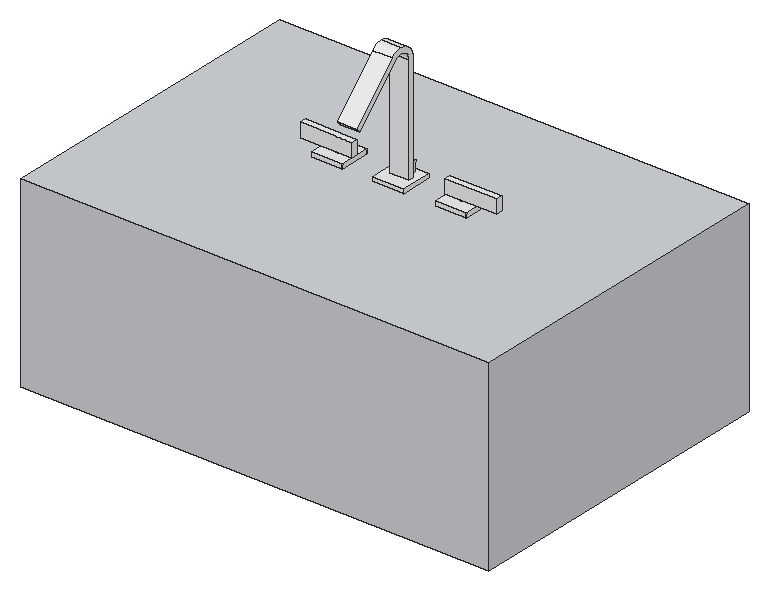
Revit family
Parameters (values of type "Chrome-Polished_Chrome-CP")
  Width = 1' - 0 5/8"
  WFU = 0
  URL = "http://www.us.kohler.com"
  Product Page URL = "http://www.us.kohler.com/onlinecatalog/detail.jsp?prod_num=14661-4"
  Product Documentation Link = "http://www.us.kohler.com/onlinecatalog/pdf/1123725_4.pdf"
  Model = "K-14661-4"  # constant formula
  Manufacturer = "Kohler"  # constant formula
  Length = 0' - 5 3/8"
  Hot Water Radius = 3/16"
  Hot Water Diameter = Hot Water Radius * 2  # 3/8"
  Hot Water Connector = "Hot Water Connector"  # constant formula
  Height = 0' - 8 1/4"
  HWFU = 0
  HW Connection = yes
  Finish = Chrome-Kohler-Polished_Chrome-CP
  Faucet Offset = 0' - 8"
  Description = "Loure™ widespread lavatory faucet"  # constant formula
  Default Elevation = 0' - 0"
  Created By = "http://medialab3dstudio.com/"
  Cold Water Radius = 3/16"
  Cold Water Diameter = Cold Water Radius * 2  # 3/8"
  Cold Water Connector = "Cold Water Connector"  # constant formula
  CWFU = 0
  CW Connection = yes
  Assembly Code = "D2010"
  Actual Valve Water Flow = 2.2 GPM
Types (4): name | Finish
  (no name) | Chrome-Kohler-Polished_Chrome-CP
  Chrome-Polished_Chrome-CP | Chrome-Kohler-Polished_Chrome-CP
  Nickel-Vibrant_Brushed_Nickel-BN | Nickel-Kohler-BN-Vibrant_Brushed_Nickel
  Nickel-Vibrant_Polished_Nickel-SN | Nickel-Kohler-SN-Vibrant_Polished_Nickel
Reference planes (in)
  plane 1 "Back": y = 0
  plane 2 "Bottom": z = 0
  plane 3 "Center (Left/Right)": x = 0
  plane 4: x = -1
  plane 5: x = 1
  plane 6 "Top": z = 8.25
  plane 7: y = -2
  plane 8 "Front": y = -5.375
  plane 9: z = 0.27694
  plane 10: y = -1
  plane 11: y = -1
  plane 12: y = -0.82813
  plane 13: y = -1.17188
  plane 14: z = 7.21717
  plane 15: through (0, -2.23325, 7.65031) normal (0, 0.7071, 0.7071)
  plane 16: y = -1.80011
  plane 17: through (0, -5.38287, 5.03107) normal (0, -0.7071, -0.7071)
  plane 18: y = -0.39025
  plane 19: y = -0.65009
  plane 20: z = 0.8169
  plane 21: y = -0.25108
  plane 22: z = 0.94584
  plane 23: x = -0.35937
  plane 24: x = 0.35938
  plane 25: x = -4
  plane 26: x = 4
  plane 27: z = 0.12475
  plane 28 "Right": x = 6.31007
  plane 29 "Left": x = -6.31493
Forms (in)
  Extrusion 1, solid
    sketch origin (0, 0, 0) x (1, 0, 0) y (0, 1, 0)
      loop
        line (-15, 8) -> (-15, -12.95137) -> (15.18227, -12.95137) -> (15.18227, 8) -> (-15, 8)
    from 0 to -12
  Extrusion 2, solid, material "Chrome-Kohler-Polished_Chrome-CP" <- "Finish"
    sketch origin (0, 0, 0) x (1, 0, 0) y (0, 1, 0)
      loop
        line (-1, 0) -> (-1, -2) -> (1, -2) -> (1, 0) -> (-1, 0)
    from 0 to 0.27694
  Sweep 3, solid, material "Chrome-Kohler-Polished_Chrome-CP" <- "Finish"
    path origin (0, 0, 0) x (0, 1, 0) y (0, 0, 1)
      loop
        line (-1, 0.27694) -> (-1, 7.21717)
        arc (-1, 7.21717) -> (-1.23435, 7.78293) -> (-1.80011, 8.01728) r 0.80011
        arc (-1.80011, 8.01728) -> (-2.1063, 7.95638) -> (-2.36588, 7.78293) r 0.80011
        line (-2.36588, 7.78293) -> (-5.24244, 4.89064)
    profile origin (0, -1, 3.74705) x (0, -1, 0) y (1, 0, 0)
      loop
        line (-0.17187, -0.62505) -> (0.17188, -0.62505) -> (0.17188, 0.62506) -> (-0.17187, 0.62506) -> (-0.17187, -0.62505)
  Extrusion 4, solid, material "Chrome-Kohler-Polished_Chrome-CP" <- "Finish"
    sketch origin (0, 0, 0) x (0, 1, 0) y (0, 0, 1)
      loop
        line (-0.27759, 0.94584) -> (-0.62367, 0.94584)
        arc (-0.62367, 0.94584) -> (-0.64235, 0.9381) -> (-0.65009, 0.91942) r 0.02642
        line (-0.65009, 0.91942) -> (-0.65009, 0.30519)
        arc (-0.65009, 0.30519) -> (-0.64182, 0.28521) -> (-0.62185, 0.27694) r 0.02825
        line (-0.62185, 0.27694) -> (-0.41957, 0.27694)
        arc (-0.41957, 0.27694) -> (-0.39884, 0.28553) -> (-0.39025, 0.30627) r 0.02933
        line (-0.39025, 0.30627) -> (-0.39025, 0.7768)
        arc (-0.39025, 0.7768) -> (-0.3785, 0.80516) -> (-0.35014, 0.8169) r 0.04011
        line (-0.35014, 0.8169) -> (-0.27793, 0.8169)
        arc (-0.27793, 0.8169) -> (-0.25894, 0.82477) -> (-0.25108, 0.84376) r 0.02685
        line (-0.25108, 0.84376) -> (-0.25108, 0.91933)
        arc (-0.25108, 0.91933) -> (-0.25884, 0.93808) -> (-0.27759, 0.94584) r 0.02651
    from -0.35938 to 0.35937
  Extrusion 5, void
    sketch origin (0, 0, 0) x (1, 0, 0) y (0, 1, 0)
      loop
        arc (0.17188, -1) -> (0.22679, -1.13258) -> (0.35938, -1.1875) r 0.1875
        arc (0.35938, -1.1875) -> (0.49196, -1.13258) -> (0.54688, -1) r 0.1875
        arc (0.54688, -1) -> (0.49196, -0.86742) -> (0.35938, -0.8125) r 0.1875
        arc (0.35938, -0.8125) -> (0.22679, -0.86742) -> (0.17188, -1) r 0.1875
      loop
        arc (-0.17187, -1) -> (-0.22679, -0.86742) -> (-0.35937, -0.8125) r 0.1875
        arc (-0.35937, -0.8125) -> (-0.49196, -0.86742) -> (-0.54687, -1) r 0.1875
        arc (-0.54687, -1) -> (-0.49196, -1.13258) -> (-0.35937, -1.1875) r 0.1875
        arc (-0.35937, -1.1875) -> (-0.22679, -1.13258) -> (-0.17187, -1) r 0.1875
    from 0 to 0.12475
Cuts and joins
  Extrusion 5 cuts Extrusion 2
  joined: Extrusion 2, Sweep 3, Extrusion 4
Lines and regions (in)
  Masking region 1, detail levels coarse
    outline origin (0, 0, 0) x (1, 0, 0) y (0, 1, 0)
      loop
        line (-6.31493, 0) -> (-6.31493, -5.375) -> (6.31007, -5.375) -> (6.31007, 0) -> (-6.31493, 0)
  Masking region 2, detail levels medium+fine
    outline origin (0, 0, 0) x (1, 0, 0) y (0, 1, 0)
      loop
        line (-5, -2) -> (-3, -2) -> (-3, 0) -> (-5, 0) -> (-5, -0.79688) -> (-6.31007, -0.79688) -> (-6.31007, -1.20313) -> (-5, -1.20313) -> (-5, -2)
      loop
        line (-1, 0) -> (-1, -2) -> (-0.62505, -2) -> (-0.62505, -5.375) -> (0.62506, -5.375) -> (0.62506, -2) -> (1, -2) -> (1, 0) -> (-1, 0)
      loop
        line (3, 0) -> (3, -2) -> (5, -2) -> (5, -1.20313) -> (6.31007, -1.20313) -> (6.31007, -0.79688) -> (5, -0.79688) -> (5, 0) -> (3, 0)
  Masking region 3, detail levels coarse
    outline origin (0, 0, 0) x (1, 0, 0) y (0, 0, 1)
      loop
        line (-6.31493, 8.25) -> (-6.31493, 0) -> (6.31007, 0) -> (6.31007, 8.25) -> (-6.31493, 8.25)
  Masking region 4, detail levels medium+fine
    outline origin (0, 0, 0) x (1, 0, 0) y (0, 0, 1)
      loop
        line (-5, 0) -> (-3, 0) -> (-3, 0.2749) -> (-3.80859, 0.2749) -> (-3.80859, 0.30564) -> (-3, 0.30564) -> (-3, 1.1875) -> (-6.31007, 1.1875) -> (-6.31007, 0.30564) -> (-4.19141, 0.30564) -> (-4.19141, 0.2749) -> (-5, 0.2749) -> (-5, 0)
      loop
        line (3, 0.2749) -> (3, 0) -> (5, 0) -> (5, 0.2749) -> (4.19141, 0.2749) -> (4.19141, 0.30564) -> (6.31007, 0.30564) -> (6.31007, 1.1875) -> (3, 1.1875) -> (3, 0.30564) -> (3.80859, 0.30564) -> (3.80859, 0.2749) -> (3, 0.2749)
      loop
        line (-1, 0) -> (1, 0) -> (1, 0.27694) -> (0.62506, 0.27694) -> (0.62506, 8.25) -> (-0.62505, 8.25) -> (-0.62505, 0.27694) -> (-1, 0.27694) -> (-1, 0)
  Masking region 5, detail levels coarse
    outline origin (0, 0, 0) x (0, 1, 0) y (0, 0, 1)
      loop
        line (0, 8.25) -> (-5.375, 8.25) -> (-5.375, 0) -> (0, 0) -> (0, 8.25)
  Masking region 6, detail levels medium+fine
    outline origin (0, 0, 0) x (0, 1, 0) y (0, 0, 1)
      loop
        line (-0.82813, 1.1875) -> (-0.82813, 7.21717)
        arc (-0.82813, 7.21717) -> (-1.11281, 7.90447) -> (-1.80011, 8.18916) r 0.97199
        arc (-1.80011, 8.18916) -> (-2.17219, 8.11512) -> (-2.48759, 7.90429) r 0.97199
        line (-2.48759, 7.90429) -> (-5.36431, 5.01184) -> (-5.12058, 4.76944) -> (-2.24419, 7.66156)
        arc (-2.24419, 7.66156) -> (-2.04043, 7.79763) -> (-1.80011, 7.84541) r 0.62824
        arc (-1.80011, 7.84541) -> (-1.35588, 7.6614) -> (-1.17188, 7.21717) r 0.62824
        line (-1.17188, 7.21717) -> (-1.17188, 1.1875) -> (-1.20313, 1.1875) -> (-1.20313, 0.2749) -> (-2, 0.2749) -> (-2, 0) -> (0, 0) -> (0, 0.2749) -> (-0.39025, 0.2749) -> (-0.39025, 0.7768)
        arc (-0.39025, 0.7768) -> (-0.3785, 0.80516) -> (-0.35014, 0.8169) r 0.04011
        line (-0.35014, 0.8169) -> (-0.27793, 0.8169)
        arc (-0.27793, 0.8169) -> (-0.25894, 0.82477) -> (-0.25108, 0.84376) r 0.02685
        line (-0.25108, 0.84376) -> (-0.25108, 0.91933)
        arc (-0.25108, 0.91933) -> (-0.25884, 0.93808) -> (-0.27759, 0.94584) r 0.02651
        line (-0.27759, 0.94584) -> (-0.62367, 0.94584)
        arc (-0.62367, 0.94584) -> (-0.64235, 0.9381) -> (-0.65009, 0.91942) r 0.02642
        line (-0.65009, 0.91942) -> (-0.65009, 0.2749) -> (-0.79688, 0.2749) -> (-0.79688, 1.1875) -> (-0.82813, 1.1875)
  symbolic lines, style "Masking Lines", detail levels fine
    curve 1: line (-5, -0.79688, 8.25) -> (-3, -0.79688, 8.25)
    curve 2: line (-5, -1.20313, 8.25) -> (-3, -1.20313, 8.25)
    curve 3: line (5, -0.79688, 8.25) -> (3, -0.79688, 8.25)
    curve 4: line (5, -1.20313, 8.25) -> (3, -1.20313, 8.25)
    curve 5: line (0.62506, -2, 8.25) -> (0.62506, -0.82813, 8.25)
    curve 6: line (-0.62505, -2, 8.25) -> (-0.62505, -0.82813, 8.25)
    curve 7: line (-0.35937, -0.25108, 8.25) -> (-0.35937, -0.65009, 8.25)
    curve 8: line (0.35938, -0.65009, 8.25) -> (0.35938, -0.25108, 8.25)
    curve 9: line (-0.35937, -0.25108, 8.25) -> (0.35938, -0.25108, 8.25)
    curve 10: line (-0.35937, -0.65009, 8.25) -> (0.35938, -0.65009, 8.25)
    curve 11: line (0.62506, -0.82813, 8.25) -> (-0.62505, -0.82813, 8.25)
    curve 12: line (-4.19141, 0, 0.30564) -> (-3.80859, 0, 0.30564)
    curve 13: line (-4.19141, 0, 0.2749) -> (-3.80859, 0, 0.2749)
    curve 14: line (3.80859, 0, 0.30564) -> (4.19141, 0, 0.30564)
    curve 15: line (3.80859, 0, 0.2749) -> (4.19141, 0, 0.2749)
    curve 16: line (-0.62505, 0, 0.27694) -> (0.62506, 0, 0.27694)
    curve 17: line (0.62506, -5.375, 5.01184) -> (-0.62505, -5.375, 5.01184)
    curve 18: line (-0.62505, -5.375, 4.76944) -> (0.62506, -5.375, 4.76944)
    curve 19: line (0, -0.39025, 0.27694) -> (0, -0.65009, 0.27694)
    curve 20: line (0, -0.82813, 1.1875) -> (0, -1.17188, 1.1875)
    curve 21: line (0, -0.79688, 0.2749) -> (0, -1.20313, 0.2749)
Dimensions and locks (in)
  plane 1 "Back" to plane 10 to plane 7 = 0' - 1", 0' - 1"
  locked: plane 19 to plane 11 at 0.34991
  plane 24 to plane 3 "Center (Left/Right)" = 0' - 0 23/64"
  plane 25 to plane 3 "Center (Left/Right)" to plane 26 = 0' - 4", 0' - 4"
  "Faucet Offset": plane 25 to plane 26
  "Width": plane 29 "Left" to plane 28 "Right"
  "Length": plane 1 "Back" to plane 8 "Front"
  "Height": plane 6 "Top" to plane 2 "Bottom"
  radius of Extrusion 5 sketch curve = 0' - 0 3/16"
  aligned and locked: plane 2 "Bottom" to Extrusion 1
  aligned and locked: level to Extrusion 1
  aligned and locked: plane 1 "Back" to Extrusion 2 sketch curve
  aligned and locked: plane 5 to Extrusion 2 sketch curve
  aligned and locked: plane 7 to Extrusion 2 sketch curve
  aligned and locked: Extrusion 2 sketch curve to plane 4
  aligned and locked: Extrusion 2 to plane 2 "Bottom"
  aligned and locked: plane 9 to Extrusion 2
  aligned and locked: plane 12 to Sweep 3 sketch curve
  aligned and locked: Sweep 3 sketch curve to plane 13
  aligned and locked: plane 22 to Extrusion 4 sketch curve
  aligned and locked: plane 19 to Extrusion 4 sketch curve
  aligned and locked: plane 9 to Extrusion 4 sketch curve
  aligned and locked: Extrusion 4 sketch curve to plane 18
  aligned and locked: plane 20 to Extrusion 4 sketch curve
  aligned and locked: Extrusion 4 sketch curve to plane 21
  aligned and locked: plane 23 to Extrusion 4
  aligned and locked: Extrusion 4 to plane 24
  aligned and locked: plane 11 to nested 1
  aligned and locked: nested 2 to plane 11
  aligned and locked: nested 2 to plane 26
  aligned and locked: nested 1 to plane 25
  aligned and locked: plane 24 to Extrusion 5 sketch curve  (x2)
  aligned and locked: plane 11 to Extrusion 5 sketch curve  (x4)
  aligned and locked: plane 23 to Extrusion 5 sketch curve  (x2)
  aligned and locked: Extrusion 5 to plane 2 "Bottom"
  aligned and locked: plane 27 to Extrusion 5
  aligned and locked: plane 28 "Right" to nested 2
  aligned and locked: plane 1 "Back" to Masking region 1 sketch curve
  aligned and locked: plane 28 "Right" to Masking region 1 sketch curve
  aligned and locked: plane 8 "Front" to Masking region 1 sketch curve
  aligned and locked: Masking region 1 sketch curve to plane 29 "Left"
  aligned and locked: Masking region 2 sketch curve to nested 1  (x6)
  aligned and locked: nested 1 to Masking region 2 sketch curve
  aligned and locked: Masking region 2 sketch curve to cut or joined group of Extrusion 2, Sweep 3, Extrusion 4, Extrusion 5  (x5)
  aligned and locked: cut or joined group of Extrusion 2, Sweep 3, Extrusion 4, Extrusion 5 to Masking region 2 sketch curve  (x2)
  aligned and locked: Masking region 2 sketch curve to plane 8 "Front"
  aligned and locked: Masking region 2 sketch curve to nested 2  (x6)
  aligned and locked: nested 2 to Masking region 2 sketch curve  (x2)
  aligned and locked: nested 1 to nested 1  (x2)
  aligned and locked: nested 2 to nested 2
  aligned and locked: nested 2 to curve 4
  aligned and locked: curve 3 to nested 2
  aligned and locked: cut or joined group of Extrusion 2, Sweep 3, Extrusion 4, Extrusion 5 to curve 5
  aligned and locked: curve 6 to cut or joined group of Extrusion 2, Sweep 3, Extrusion 4, Extrusion 5
  aligned and locked: curve 7 to cut or joined group of Extrusion 2, Sweep 3, Extrusion 4, Extrusion 5
  aligned and locked: curve 8 to cut or joined group of Extrusion 2, Sweep 3, Extrusion 4, Extrusion 5
  aligned and locked: curve 9 to cut or joined group of Extrusion 2, Sweep 3, Extrusion 4, Extrusion 5
  aligned and locked: curve 10 to cut or joined group of Extrusion 2, Sweep 3, Extrusion 4, Extrusion 5
  aligned and locked: curve 11 to cut or joined group of Extrusion 2, Sweep 3, Extrusion 4, Extrusion 5
  aligned and locked: Masking region 3 sketch curve to plane 6 "Top"
  aligned and locked: plane 28 "Right" to Masking region 3 sketch curve
  aligned and locked: Masking region 3 sketch curve to plane 29 "Left"
  aligned and locked: plane 2 "Bottom" to Masking region 3 sketch curve
  aligned and locked: Masking region 4 sketch curve to nested 1  (x6)
  aligned and locked: nested 1 to Masking region 4 sketch curve  (x4)
  aligned and locked: nested 2 to Masking region 4 sketch curve  (x4)
  aligned and locked: Masking region 4 sketch curve to nested 2  (x6)
  aligned and locked: Masking region 4 sketch curve to cut or joined group of Extrusion 2, Sweep 3, Extrusion 4, Extrusion 5  (x6)
  aligned and locked: cut or joined group of Extrusion 2, Sweep 3, Extrusion 4, Extrusion 5 to Masking region 4 sketch curve
  aligned and locked: Masking region 4 sketch curve to plane 6 "Top"
  aligned and locked: curve 17 to cut or joined group of Extrusion 2, Sweep 3, Extrusion 4, Extrusion 5
  aligned and locked: curve 18 to cut or joined group of Extrusion 2, Sweep 3, Extrusion 4, Extrusion 5
  aligned and locked: plane 8 "Front" to Masking region 5 sketch curve
  aligned and locked: plane 2 "Bottom" to Masking region 5 sketch curve
  aligned and locked: plane 1 "Back" to Masking region 5 sketch curve
  aligned and locked: Masking region 5 sketch curve to plane 6 "Top"
  aligned and locked: cut or joined group of Extrusion 2, Sweep 3, Extrusion 4, Extrusion 5 to Masking region 6 sketch curve  (x3)
  aligned and locked: Masking region 6 sketch curve to cut or joined group of Extrusion 2, Sweep 3, Extrusion 4, Extrusion 5  (x13)
  aligned and locked: Masking region 6 sketch curve to nested 1  (x3)
  aligned and locked: Masking region 6 sketch curve to nested 2
  aligned and locked: nested 1 to Masking region 6 sketch curve
  aligned and locked: curve 19 to plane 9
Automatic sketch dimensions
  Extrusion 1 sketch curve to Extrusion 1 sketch curve = 2' - 6.18227"
  Extrusion 1 sketch curve to Extrusion 1 sketch curve = 1' - 8.95137"
  Sweep 3 sketch curve to Sweep 3 sketch curve = 0' - 0"  (x2)
  plane 17 to Sweep 3 sketch curve = 0' - 0"
  Sweep 3 sketch curve to plane 15 = 0' - 0"  (x2)
  Sweep 3 sketch curve to plane 14 = 0' - 0"
  Sweep 3 sketch curve to plane 10 = 0' - 0"
  Sweep 3 sketch curve to plane 9 = 0' - 0"
  plane 8 "Front" to Sweep 3 sketch curve = 0' - 0.13256"
  plane 3 "Center (Left/Right)" to Sweep 3 sketch curve = 0' - 0.62506"
  plane 19 to Extrusion 4 sketch curve = 0' - 0.02642"
  plane 9 to Extrusion 4 sketch curve = 0' - 0.02825"
  plane 9 to Extrusion 4 sketch curve = 0' - 0.02933"
  Extrusion 4 sketch curve to Extrusion 4 sketch curve = 0' - 0.04011"
  plane 20 to Extrusion 4 sketch curve = 0' - 0.02685"
  Extrusion 4 sketch curve to plane 21 = 0' - 0.02651"
  Sweep 3 sketch curve to plane 3 "Center (Left/Right)" = 0' - 0.62505"
  plane 23 to Extrusion 5 sketch curve = 0' - 0 3/16"
  plane 25 to Masking region 2 sketch curve = 0' - 1"
  curve 4 to plane 26 = 0' - 1"
  curve 3 to curve 4 = 0' - 0"
  plane 26 to curve 3 = 0' - 1"
  curve 4 to curve 3 = 0' - 0"
  plane 13 to curve 2 = 0' - 0 1/32"
  curve 2 to plane 25 = 0' - 1"
  curve 1 to plane 12 = 0' - 0 1/32"
  curve 1 to curve 2 = 0' - 0"  (x2)
  plane 25 to curve 2 = 0' - 1"
  curve 6 to plane 7 = 0' - 0"
  curve 5 to plane 7 = 0' - 0"
  curve 16 to plane 9 = 0' - 0"
  curve 13 to plane 9 = 0' - 0.00204"
  plane 25 to curve 13 = 0' - 0 49/256"
  curve 12 to curve 13 = 0' - 0"  (x2)
  curve 13 to plane 25 = 0' - 0 49/256"
  plane 23 to curve 16 = 0' - 0.26568"
  curve 16 to plane 24 = 0' - 0.26568"
  plane 9 to curve 14 = 0' - 0.02869"
  plane 26 to curve 14 = 0' - 0 49/256"
  curve 15 to plane 9 = 0' - 0.00204"
  curve 14 to curve 15 = 0' - 0"  (x2)
  curve 14 to plane 26 = 0' - 0 49/256"
  plane 9 to curve 12 = 0' - 0.02869"
  curve 18 to plane 24 = 0' - 0.26568"
  curve 18 to curve 17 = 0' - 0"  (x2)
  plane 23 to curve 18 = 0' - 0.26568"
  Masking region 6 sketch curve to Masking region 6 sketch curve = 0' - 0.26808"
  Masking region 6 sketch curve to Masking region 6 sketch curve = 0' - 0"
  curve 20 to plane 13 = 0' - 0"
  curve 20 to plane 12 = 0' - 0"
  curve 21 to plane 9 = 0' - 0.00204"
  plane 13 to curve 21 = 0' - 0 1/32"
  curve 21 to plane 12 = 0' - 0 1/32"
  curve 21 to curve 19 = 0' - 0.14678"
  curve 19 to curve 19 = 0' - 0.25985"
  plane 9 to curve 20 = 0' - 0.91056"
  plane 25 to Masking region 4 sketch curve = 0' - 0 49/256"
  Masking region 4 sketch curve to plane 25 = 0' - 0 49/256"
  plane 26 to Masking region 4 sketch curve = 0' - 0 49/256"
  Masking region 4 sketch curve to plane 26 = 0' - 0 49/256"
Nested families (in)
  nested 1: "Handle" at (-4, -1, 0), type "Handle"
  nested 2: "Handle" at (4, -1, 0) x (-1, 0, 0) z (0, 0, 1), type "Handle"
Connectors (in)
  piping at (0.35938, -1, 0), driven by "Cold Water Radius", driven by "Actual Valve Water Flow", driven by "CW Connection", driven by "Cold Water Connector", driven by "CWFU"
    settings: on cut or joined group of Extrusion 2, Sweep 3, Extrusion 4, Extrusion 5, index 1, connector radius 3/16", flow factor 0, pipe flow 2.2 GPM, pressure drop 0.00 psi, fitting loss kfactor 0, connector angle 0.00°, fixture units 0, flow configuration 3, flow direction 1, fitting loss method 0, system type 20, connector reference index -1, connector utility 1, adjustable connector no, is connector primary yes, fitting loss table "", connector description "Cold Water Connector"
  piping at (-0.35937, -1, 0), driven by "Hot Water Radius", driven by "HW Connection", driven by "Hot Water Connector", driven by "Actual Valve Water Flow", driven by "HWFU"
    settings: on cut or joined group of Extrusion 2, Sweep 3, Extrusion 4, Extrusion 5, index 2, connector radius 3/16", flow factor 0, pipe flow 2.2 GPM, pressure drop 0.00 psi, fitting loss kfactor 0, connector angle 0.00°, fixture units 0, flow configuration 3, flow direction 1, fitting loss method 0, system type 19, connector reference index -1, connector utility 1, adjustable connector no, is connector primary no, fitting loss table "", connector description "Hot Water Connector"
Definition of nested family "Handle"
  Parameters (values of type "Handle")
    Width = 0' - 2"
    Length = 0' - 2"
    Finish = none
    Default Elevation = 4' - 0"
    Assembly Code = ""
  Reference planes (in)
    plane 1 "Center (Front/Back)": y = 0
    plane 2: z = 0
    plane 3 "Center (Left/Right)": x = 0
    plane 4 "Left": x = -1
    plane 5 "Right": x = 1
    plane 6 "Back": y = 1
    plane 7 "Front": y = -1
    plane 8 "Top": z = 1.1875
    plane 9: z = 0.2749
    plane 10: z = 0.30564
    plane 11: y = 0.20312
    plane 12: y = -0.20313
    plane 13: x = -2.31007
  Forms (in)
    Extrusion 1, solid
      sketch origin (0, 0, 0) x (1, 0, 0) y (0, 1, 0)
        loop
          line (-48, 48) -> (-48, -48) -> (48, -48) -> (48, 48) -> (-48, 48)
      from 0 to -12
    Extrusion 2, solid, material <- "Finish"
      sketch origin (0, 0, 0) x (1, 0, 0) y (0, 1, 0)
        loop
          arc (-0.96875, 1) -> (-0.99085, 0.99085) -> (-1, 0.96875) r 0.03125
          line (-1, 0.96875) -> (-1, -0.96875)
          arc (-1, -0.96875) -> (-0.99085, -0.99085) -> (-0.96875, -1) r 0.03125
          line (-0.96875, -1) -> (0.96875, -1)
          arc (0.96875, -1) -> (0.99085, -0.99085) -> (1, -0.96875) r 0.03125
          line (1, -0.96875) -> (1, 0.96875)
          arc (1, 0.96875) -> (0.99085, 0.99085) -> (0.96875, 1) r 0.03125
          line (0.96875, 1) -> (-0.96875, 1)
      from 0 to 0.2749
    Extrusion 3, solid, material <- "Finish"
      sketch origin (0, 0, 0) x (1, 0, 0) y (0, 1, 0)
        loop
          arc (-0.19141, 0) -> (-0.13534, -0.13534) -> (0, -0.19141) r 0.19141
          arc (0, -0.19141) -> (0.13534, -0.13534) -> (0.19141, 0) r 0.19141
          arc (0.19141, 0) -> (0.13534, 0.13534) -> (0, 0.19141) r 0.19141
          arc (0, 0.19141) -> (-0.13534, 0.13534) -> (-0.19141, 0) r 0.19141
      from 0.2749 to 0.30564
    Extrusion 4, solid, material <- "Finish"
      sketch origin (0, 0, 0) x (1, 0, 0) y (0, 0, 1)
        loop
          line (-2.31007, 1.1875) -> (-2.31007, 0.30564) -> (1, 0.30564) -> (1, 1.1875) -> (-2.31007, 1.1875)
      from -0.20312 to 0.20313
  Cuts and joins
    joined: Extrusion 2, Extrusion 3, Extrusion 4
  Dimensions and locks (in)
    equal spacing: plane 4 "Left", plane 3 "Center (Left/Right)", plane 5 "Right"
    "Width": plane 4 "Left" to plane 5 "Right"
    equal spacing: plane 6 "Back", plane 1 "Center (Front/Back)", plane 7 "Front"
    "Length": plane 6 "Back" to plane 7 "Front"
    aligned and locked: plane 2 to Extrusion 1
    aligned and locked: level to Extrusion 1
    aligned and locked: Extrusion 2 sketch curve to plane 6 "Back"
    aligned and locked: plane 5 "Right" to Extrusion 2 sketch curve
    aligned and locked: plane 7 "Front" to Extrusion 2 sketch curve
    aligned and locked: plane 4 "Left" to Extrusion 2 sketch curve
    aligned and locked: Extrusion 2 to plane 2
    aligned and locked: Extrusion 2 to plane 9
    aligned and locked: plane 3 "Center (Left/Right)" to Extrusion 3 sketch curve  (x2)
    aligned and locked: plane 1 "Center (Front/Back)" to Extrusion 3 sketch curve  (x2)
    aligned and locked: plane 9 to Extrusion 3
    aligned and locked: Extrusion 3 to plane 10
    aligned and locked: Extrusion 4 sketch curve to plane 8 "Top"
    aligned and locked: Extrusion 4 sketch curve to plane 10
    aligned and locked: plane 5 "Right" to Extrusion 4 sketch curve
    aligned and locked: plane 11 to Extrusion 4
    aligned and locked: Extrusion 4 to plane 12
    aligned and locked: plane 13 to Extrusion 4 sketch curve
  Automatic sketch dimensions
    Extrusion 1 sketch curve to Extrusion 1 sketch curve = 8' - 0"  (x2)
    plane 4 "Left" to Extrusion 2 sketch curve = 0' - 0 1/32"  (x2)
    plane 5 "Right" to Extrusion 2 sketch curve = 0' - 0 1/32"  (x2)
    Extrusion 3 sketch curve to Extrusion 3 sketch curve = 0' - 0 49/256"
